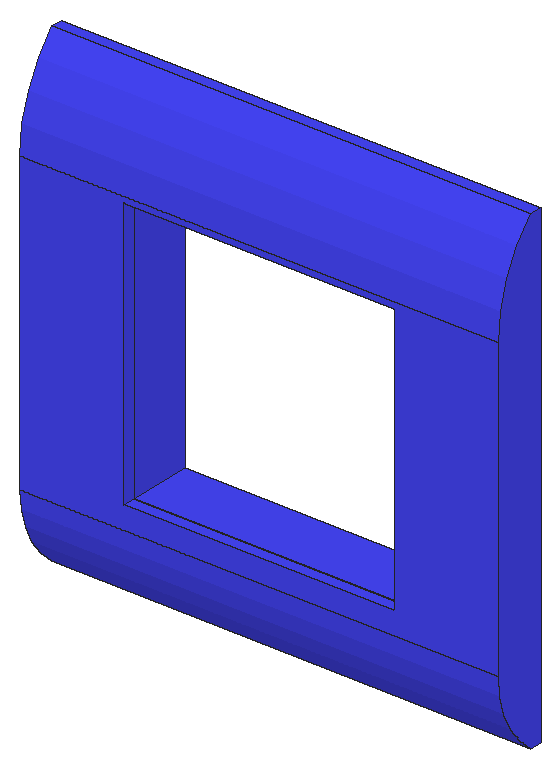
Revit family "ITK_Лицевая рамка для модуля Mosaic 80х80_IP20", category Обобщенные модели, Revit 2019
Family settings
  Может служить основой для арматурных стержней = Нет
  Размер круглого соединителя = Использовать диаметр
  Тип детали = Нормальный
  На основе рабочей плоскости = Нет
  Всегда вертикально = Да
  При загрузке вырезать с полостями = Нет
  Общий = Нет
  Точка расчета площади = Нет
Parameters (values of type "Металлический суппорт")
  Ширина = 80 mm
  Степень защиты = "IP20"  # constant formula
  Пластиковый суппорт = yes
  Материал = Нержавеющая сталь
  Изготовитель = "ITK"  # constant formula
  Дата изменения = ""
  Глубина = 12.6 mm
  Высота = 80 mm
  URL = "https://www.iek.ru/"
  KSI_CPr_Строительные изделия = ""
  KSI_CMa_Строительные материалы = "01.7.14.03"  # constant formula
  IEK_Цена за единицу = 103.38
  IEK_Поиск в таблице имен = ""
  IEK_Описание = "Изготовлены из высококачественных негорючих материалов.\r\nНадежность и удобство эксплуатации.\r\nСоответствие международным стандартам качества."
  IEK_URL = "https://www.itk-group.ru/produktsiya/catalog/oborudovanie_telekommunikatsionnoe/komponenty_sks_mednye/rozetki_adaptery_i_moduli_keystone/moduli_keystone_jack_informatsionnye_rozetki_rozetochnye_korpusa_i_adaptery/rozetochnye_korpusa_modulnye_vstavki_dlya_keystone_jack_i_litsevye_ramki/litsevye_ramki_dlya_modulnykh_vstavok_keystone_jack/itk_litsevaya_ramka_dlya_modulya_mosaic_80kh80mm_metallicheskiy_support_belaya"
  ADSK_Примечание = ""
  ADSK_Позиция [instance] = ""
  ADSK_Наименование = "ITK Лицевая рамка для мод. Mosaic 80х80мм мет. суппорт бел."
  ADSK_Материал обозначение = ""
  ADSK_Материал наименование = "Пластик/металл"
  ADSK_Масса = 0.034
  ADSK_Марка = ""  # constant formula
  ADSK_Код изделия = "CS5-12M-M"
  ADSK_Завод-изготовитель = "IEK"  # constant formula
  ADSK_Единица измерения = "шт"  # constant formula
  ADSK_Группирование = "I. ЩИТЫ И ПУЛЬТЫ"  # constant formula
  ADSK_Версия семейства = "1.0"  # constant formula
  ADSK_Версия Revit = "2019"  # constant formula
  ADSK_URL страницы изделия = "https://www.itk-group.ru/produktsiya/catalog/oborudovanie_telekommunikatsionnoe/komponenty_sks_mednye/rozetki_adaptery_i_moduli_keystone/moduli_keystone_jack_informatsionnye_rozetki_rozetochnye_korpusa_i_adaptery/rozetochnye_korpusa_modulnye_vstavki_dlya_keystone_jack_i_litsevye_ramki/litsevye_ramki_dlya_modulnykh_vstavok_keystone_jack/"
Types (2, lengths in mm): name | Пластиковый суппорт | Материал | Глубина | IEK_Цена за единицу | IEK_URL | ADSK_Наименование | ADSK_Материал наименование | ADSK_Масса | ADSK_Код изделия
  Металлический суппорт | yes | Нержавеющая сталь | 12.6 | 103.38 | "https://www.itk-group.ru/produktsiya/catalog/oborudovanie_telekommunikatsionnoe/komponenty_sks_mednye/rozetki_adaptery_i_moduli_keystone/moduli_keystone_jack_informatsionnye_rozetki_rozetochnye_korpusa_i_adaptery/rozetochnye_korpusa_modulnye_vstavki_dlya_keystone_jack_i_litsevye_ramki/litsevye_ramki_dlya_modulnykh_vstavok_keystone_jack/itk_litsevaya_ramka_dlya_modulya_mosaic_80kh80mm_metallicheskiy_support_belaya" | "ITK Лицевая рамка для мод. Mosaic 80х80мм мет. суппорт бел." | "Пластик/металл" | 0.034 | "CS5-12M-M"
  Пластиковый суппорт | no | Пластик белый | 8.5 | 77.38 | "https://www.itk-group.ru/produktsiya/catalog/oborudovanie_telekommunikatsionnoe/komponenty_sks_mednye/rozetki_adaptery_i_moduli_keystone/moduli_keystone_jack_informatsionnye_rozetki_rozetochnye_korpusa_i_adaptery/rozetochnye_korpusa_modulnye_vstavki_dlya_keystone_jack_i_litsevye_ramki/litsevye_ramki_dlya_modulnykh_vstavok_keystone_jack/itk_litsevaya_ramka_dlya_modulya_mosaic_80kh80mm_plastikovyy_support_belaya" | "ITK Лицевая рамка для мод. Mosaic 80х80мм пл. суппорт бел." | "Пластик" | 0.028 | "CS5-12M-P"
Reference planes
  plane 1 "По центру (Вперед/Назад)": y = -11.177
  plane 2: z = 0
  plane 3 "По центру (Влево/Вправо)": x = 0
  plane 4: x = -40
  plane 5: x = 40
  plane 6: z = 80
  plane 7: y = 1.423
  plane 8: y = -2.477
  plane 9: z = 40
Forms (mm)
  Extrusion 1, solid, material "Пластик белый", detail levels fine
    sketch origin (0, 0, 0) x (0, 1, 0) y (0, 0, 1)
      loop
        arc (-11.177, 13.586) -> (-9.41, 6.012) -> (-4.477, 0) r 17.124
        line (-4.477, 0) -> (-2.477, 0) -> (-2.477, 80) -> (-4.477, 80)
        arc (-4.477, 80) -> (-9.437, 72.45) -> (-11.177, 63.586) r 23.456
        line (-11.177, 63.586) -> (-11.177, 13.586)
    from -40 to 40
  Extrusion 2, void
    sketch origin (0, -11.177, 0) x (1, 0, 0) y (0, 0, 1)
      loop
        line (-22.6, 62.6) -> (-22.6, 17.4) -> (22.6, 17.4) -> (22.6, 62.6) -> (-22.6, 62.6)
    from 0 to -8.7
  Sweep 3, solid, material "Нержавеющая сталь" <- "Материал", visible <- "Пластиковый суппорт", detail levels fine
    path in 3D
      loop
        line (22.6, -2.477, 62.6) -> (-22.6, -2.477, 62.6) -> (-22.6, -2.477, 17.4) -> (22.6, -2.477, 17.4) -> (22.6, -2.477, 62.6)
    profile origin (22.6, -2.477, 40) x (0, 1, 0) y (-1, 0, 0)
      loop
        line (3.9, 0) -> (-6.622, 0) -> (-6.622, -3.861) -> (-5.697, -3.861) -> (-5.697, -0.909) -> (3.9, -0.909) -> (3.9, 0)
  Extrusion 4, void
    sketch origin (0, 0, 0) x (0, 1, 0) y (0, 0, 1)
      loop
        line (-2.477, 66.461) -> (-9.098, 66.461) -> (-9.098, 13.539) -> (-2.477, 13.539) -> (-2.477, 66.461)
    from 26.461 to -26.461
  Extrusion 5, solid, material "Нержавеющая сталь" <- "Материал", detail levels fine
    sketch origin (0, -11.177, 0) x (1, 0, 0) y (0, 0, 1)
      loop
        line (-26.461, 66.461) -> (-26.461, 13.539) -> (26.461, 13.539) -> (26.461, 66.461) -> (-26.461, 66.461)
      loop
        line (23.509, 63.509) -> (-23.509, 63.509) -> (-23.509, 16.491) -> (23.509, 16.491) -> (23.509, 63.509)
    from -2.078 to -8.7
  Extrusion 6, solid, material "Нержавеющая сталь", detail levels coarse+medium
    sketch origin (0, 0, 0) x (1, 0, 0) y (0, 1, 0)
      loop
        line (-40, 1.423) -> (-40, -11.177) -> (40, -11.177) -> (40, 1.423) -> (-40, 1.423)
    from 0 to 80 <- "Высота"
Cuts and joins
  Extrusion 2, Extrusion 4 cuts Extrusion 1
Lines and regions (mm)
  sketch lines
    curve 1: line (22.6, -2.477, 17.4) -> (22.6, -2.477, 62.6)
    curve 2: line (22.6, -2.477, 62.6) -> (-22.6, -2.477, 62.6)
    curve 3: line (-22.6, -2.477, 62.6) -> (-22.6, -2.477, 17.4)
    curve 4: line (-22.6, -2.477, 17.4) -> (22.6, -2.477, 17.4)
Dimensions and locks
  "Высота": plane 6 to level
  equal spacing: plane 5, plane 3 "По центру (Влево/Вправо)", plane 4
  "Ширина": plane 5 to plane 4
  "Глубина": plane 1 "По центру (Вперед/Назад)" to plane 7
  aligned and locked: level to plane 2
  aligned and locked: Extrusion 1 sketch curve to plane 1 "По центру (Вперед/Назад)"
  aligned and locked: Extrusion 1 to plane 4
  aligned and locked: plane 5 to Extrusion 1
  aligned and locked: Extrusion 2 to plane 8
  aligned and locked: Extrusion 5 sketch curve to Sweep 3  (x8)
  aligned and locked: Extrusion 5 to cut or joined group of Extrusion 1, Extrusion 2, Extrusion 4
  aligned and locked: Extrusion 6 sketch curve to plane 7
  aligned and locked: plane 4 to Extrusion 6 sketch curve
  aligned and locked: Extrusion 6 sketch curve to cut or joined group of Extrusion 1, Extrusion 2, Extrusion 4  (x2)
Automatic sketch dimensions
  Extrusion 1 sketch curve to plane 8 = 0 mm
  plane 7 to Extrusion 1 sketch curve = 4.524 mm
  plane 7 to Extrusion 1 sketch curve = 10.856 mm
  plane 6 to Extrusion 1 sketch curve = 0 mm
  Extrusion 1 sketch curve to level = 0 mm
  Extrusion 1 sketch curve to Extrusion 1 sketch curve = 2 mm  (x2)
  plane 4 to Extrusion 2 sketch curve = 17.4 mm
  plane 3 "По центру (Влево/Вправо)" to Extrusion 2 sketch curve = 22.6 mm
  Extrusion 2 sketch curve to plane 9 = 22.6 mm
  plane 6 to Extrusion 2 sketch curve = 17.4 mm
  Extrusion 4 sketch curve to plane 8 = 0 mm
  Extrusion 4 sketch curve to plane 1 "По центру (Вперед/Назад)" = 2.078 mm
  level to Extrusion 4 sketch curve = 13.539 mm
  plane 6 to Extrusion 4 sketch curve = 13.539 mm
  Sweep 3 sketch curve to profile plane = 0 mm
  profile plane to Sweep 3 sketch curve = 6.622 mm
  Sweep 3 sketch curve to Sweep 3 sketch curve = 0.925 mm
  Sweep 3 sketch curve to profile plane = 3.9 mm
  Sweep 3 sketch curve to profile plane = 0.909 mm
  Sweep 3 sketch curve to Sweep 3 sketch curve = 2.953 mm
